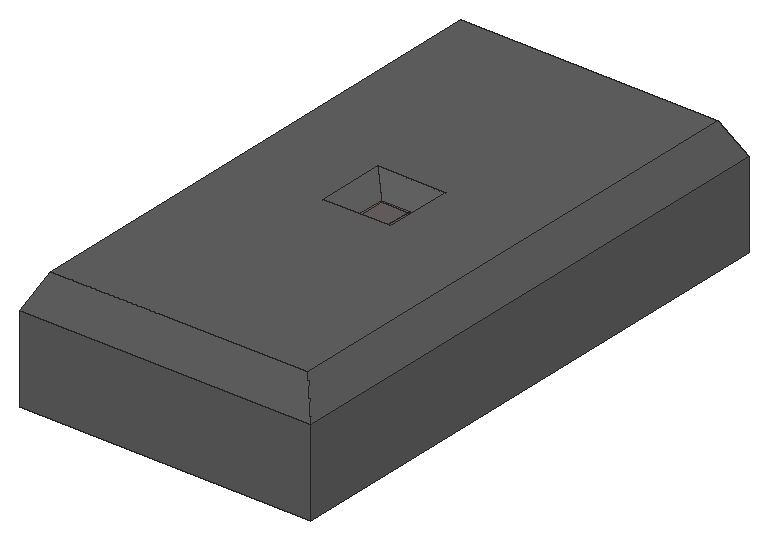
Revit family "Smartcard Reader_Delta3_Farpointe_R17", category Security Devices, host Face, Revit 2017
Family settings
  Host = Face
  Maintain Annotation Orientation = No
  Round Connector Dimension = Use Diameter
  Part Type = Normal
  Cut with Voids When Loaded = No
  Shared = No
  Room Calculation Point = No
Parameters
  Width = 1.7"
  URL - Quick Start Guides [instance] = "http://farpointedata.com/downloads/qsg_and_ref/SmartcardReaders_QSG.pdf"
  URL - Mounting Guides Letter Size [instance] = "http://farpointedata.com/downloads/mounting_guides/MountingGuide_Delta3_Ltr.pdf"
  URL - Mounting Guides A4 Size [instance] = "http://farpointedata.com/downloads/mounting_guides/MountingGuide_Delta3_A4.pdf"
  URL - Data Sheets [instance] = "http://farpointedata.com/downloads/datasheets/Delta3_TDS.pdf"
  URL - Bid Specifications [instance] = "http://farpointedata.com/downloads/bid_specs/Farpointe_Delta_Specification.docx"
  URL = "http://www.farpointedata.com/"
  Modeled By [instance] = "www.commensestudio.com"
  Model = "Delta3 Contactless Smartcard Reader"  # constant formula
  Manufacturer = "Farpointe Data"  # constant formula
  LED [instance] = LED
  Height = 3.2"
  Description = "Mullion Mount"  # constant formula
  Depth = 0.7"
  Default Elevation = 48"
  Cover [instance] = Cover
Reference planes (in)
  plane 1 "Center (Front/Back)": y = 0
  plane 2: z = 0
  plane 3 "Center (Left/Right)": x = 0
  plane 4: x = -0.85
  plane 5: x = 0.85
  plane 6: y = 1.6
  plane 7: y = -1.6
  plane 8: z = 0.7
  plane 9: z = 0.6
Forms (in)
  Extrusion 1, solid, material "Cover" <- "Cover"
    sketch origin (0, 0, 0) x (1, 0, 0) y (0, 1, 0)
      loop
        line (-0.85, -1.6) -> (0.85, -1.6) -> (0.85, 1.6) -> (-0.85, 1.6) -> (-0.85, -1.6)
    from 0 to 0.5
  Blend 2, solid, material "Cover" <- "Cover"
    base sketch origin (0, 0, 0) x (1, 0, 0) y (0, 1, 0)
      loop
        line (-0.85, 1.6) -> (-0.85, -1.6) -> (0.85, -1.6) -> (0.85, 1.6) -> (-0.85, 1.6)
    top sketch origin (0, 0, 0) x (1, 0, 0) y (0, 1, 0)
      loop
        line (-0.75, 1.5) -> (-0.75, -1.5) -> (0.75, -1.5) -> (0.75, 1.5) -> (-0.75, 1.5)
    from 0.5 to 0.7
  Extrusion 3, solid, material "LED" <- "LED"
    sketch origin (0, 0, 0) x (1, 0, 0) y (0, 1, 0)
      loop
        line (0.085, -0.085) -> (0.085, 0.085) -> (-0.085, 0.085) -> (-0.085, -0.085) -> (0.085, -0.085)
    from 0.5 to 0.61
  Blend 4, void
    base sketch origin (0, 0, 0) x (1, 0, 0) y (0, 1, 0)
      loop
        line (-0.085, 0.085) -> (-0.085, -0.085) -> (0.085, -0.085) -> (0.085, 0.085) -> (-0.085, 0.085)
    top sketch origin (0, 0, 0) x (1, 0, 0) y (0, 1, 0)
      loop
        line (-0.19907, 0.19907) -> (-0.19907, -0.19907) -> (0.19907, -0.19907) -> (0.19907, 0.19907) -> (-0.19907, 0.19907)
    from 0.6 to 0.7
Cuts and joins
  Blend 4 cuts Extrusion 1
  Blend 4 cuts Blend 2
Dimensions and locks (in)
  equal spacing: plane 7, plane 1 "Center (Front/Back)", plane 6
  equal spacing: plane 4, plane 3 "Center (Left/Right)", plane 5
  "Height": plane 7 to plane 6
  "Width": plane 4 to plane 5
  "Depth": plane 8 to level
  locked: plane 8 to plane 9 at 0.1
  aligned and locked: plane 2 to host face
  aligned and locked: level to host face
Automatic sketch dimensions
  Extrusion 1 sketch curve to plane 4 = 0"
  Extrusion 1 sketch curve to plane 5 = 0"
  plane 7 to Extrusion 1 sketch curve = 0"
  plane 6 to Extrusion 1 sketch curve = 0"
  Blend 2 sketch curve to plane 4 = 0"
  Blend 2 sketch curve to plane 5 = 0"
  plane 7 to Blend 2 sketch curve = 0"
  plane 6 to Blend 2 sketch curve = 0"
  plane 4 to Blend 2 sketch curve = 0.1"
  Blend 2 sketch curve to plane 5 = 0.1"
  Blend 2 sketch curve to plane 7 = 0.1"
  plane 6 to Blend 2 sketch curve = 0.1"
  Extrusion 3 sketch curve to plane 3 "Center (Left/Right)" = 0.085"
  plane 3 "Center (Left/Right)" to Extrusion 3 sketch curve = 0.085"
  plane 1 "Center (Front/Back)" to Extrusion 3 sketch curve = 0.085"
  Extrusion 3 sketch curve to plane 1 "Center (Front/Back)" = 0.085"
  Blend 4 sketch curve to plane 3 "Center (Left/Right)" = 0.085"
  plane 3 "Center (Left/Right)" to Blend 4 sketch curve = 0.085"
  plane 1 "Center (Front/Back)" to Blend 4 sketch curve = 0.085"
  Blend 4 sketch curve to plane 1 "Center (Front/Back)" = 0.085"
  host sketch curve to host sketch curve = 8"  (x2)
Connectors (in)
  electrical at (0, 0, 0)
    settings: index 3, voltage 0 V, apparent load 0 VA, apparent load phase1 0 VA, apparent load phase2 0 VA, apparent load phase3 0 VA, power factor 1, load classification "Other", number of poles 1, system type 10, power factor state 1, is connector primary yes, connector utility no, sub classification motor no, connector description ""
